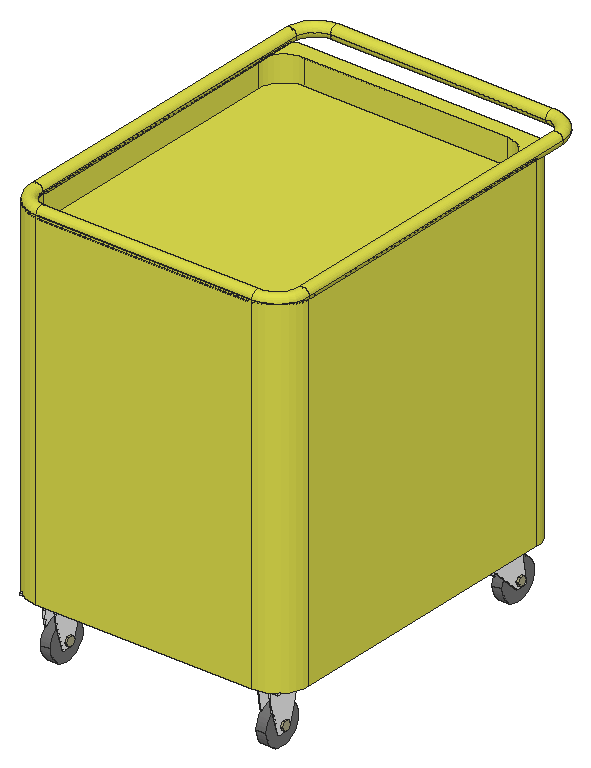
Revit family "Cart_Rolling-Bradley_Corp-Portable_Eyewash_S19-399", category Plumbing Fixtures, Revit 2018
Family settings
  Round Connector Dimension = Use Diameter
  Part Type = Normal
  Work Plane-Based = No
  Always vertical = Yes
  Cut with Voids When Loaded = No
  Shared = No
  Room Calculation Point = No
Parameters (values of type "S19-399")
  Width = 0.000"
  Wattage = 0 W
  Warranty Information = "n/a"
  Voltage = 0 V
  Version = "1.0"
  URL = "http://www.bradleycorp.com/"
  Technical Data = "n/a"
  Specifications URL = "https://www.bradleycorp.com/3partspec/"
  Safety Yellow = Metal - Bradley Corp - BRADTECT® Safety Yellow Coating
  Product Tech Data URL - English = "https://www.bradleycorp.com/mediamanager/view/9038/S19-399_On-Site_Waste_Cart.pdf"
  Product Page URL = "https://www.bradleycorp.com/product/on-site-waste-cart"
  Power Factor = 0
  Percentage of Recycled Content = 0
  OmniClass Title = "Emergency Eye Wash Stations"
  OmniClass Code = "23-29 37 13"
  Number of Poles = 1
  Modeling Code = "n/a"
  Model = "S19-399"
  Material Note = "n/a"
  Material = ""
  MasterFormat Title = "Eye/Face Wash Equipment"
  MasterFormat Number = "22.45.26"
  Manufacturer Revit Model URL = ""
  Manufacturer Installation URL - English = "https://www.bradleycorp.com/mediamanager/view/9952/On-Site_Waste_Cart_Model_S19-399.pdf"
  Manufacturer = "Bradley Corporation"
  Low Emitting Material = yes
  Low Emitting Finish = yes
  Length = 0.000"
  LEED Credit = ""
  Installation Type = "Wall, Bench Top or Transportable Waste Cart"
  Industry Standards = "n/a"
  Height = 0.000"
  Frequency = 0 Hz
  Fire Rating = "n/a"
  Description = "Bradley Rolling Cart for Portable Gravity-Fed Eyewash"
  Depth = 0.000"
  Copyright = "This Model Data is Property of Bradley Corporation"
  Complies to NAFTA = "n/a"
  Chrome-plated red brass = Metal - Bradley Corp - Chrome
  Buy American Act = "To Be Determined"
  Black = Plastic - Bradley Corp - Black
  Assembly Code = "D2010710"
  Apparent Load = 0 VA
  ADA Compliant = "No"
Reference planes (in)
  plane 1 "Center (Front/Back)": y = 0
  plane 2: z = 0
  plane 3 "Center (Left/Right)": x = 0
  plane 4 "LEFT-SIDE": x = -11
  plane 5 "RIGHT-SIDE": x = 11
  plane 6 "B.O. Cart": z = 5
  plane 7 "T.O. Cart": z = 32.5
  plane 8 "Front": y = -15
  plane 9 "Handle-Side": y = 15
  plane 10 "LEFT": x = -11
  plane 11 "RIGHT": x = 11
  plane 12 "Center L/S": y = 12
  plane 13 "Center L/U": y = 14.5
  plane 14 "B.O. Basin": z = 30.5
  plane 15 "Center L/V": y = 10.75
  plane 16: x = 8.5
  plane 17 "C.O Front Axle": y = -12.5
  plane 18: x = -8.5
  plane 19 "Center Rail": z = 32.5
Forms (in)
  Extrusion 1, solid, material "Metal - Bradley Corp - BRADTECT® Safety Yellow Coating"
    sketch origin (0, 0, 5) x (-1, 0, 0) y (0, -1, 0)
      loop
        arc (-8.5, 15) -> (-10.26777, 14.26777) -> (-11, 12.5) r 2.5
        line (-11, 12.5) -> (-11, -10)
        arc (-11, -10) -> (-10.41421, -11.41421) -> (-9, -12) r 2
        line (-9, -12) -> (9, -12)
        arc (9, -12) -> (10.41421, -11.41421) -> (11, -10) r 2
        line (11, -10) -> (11, 12.5)
        arc (11, 12.5) -> (10.26777, 14.26777) -> (8.5, 15) r 2.5
        line (8.5, 15) -> (-8.5, 15)
    from 0 to 27.5
  Sweep 2, solid, material "Metal - Bradley Corp - BRADTECT® Safety Yellow Coating"
    path origin (0, 0, 32.5) x (-1, 0, 0) y (0, -1, 0)
      loop
        arc (8.5, -14.5) -> (9.91421, -13.91421) -> (10.5, -12.5) r 2
        line (10.5, -12.5) -> (10.5, 12.5)
        arc (10.5, 12.5) -> (9.91421, 13.91421) -> (8.5, 14.5) r 2
        line (8.5, 14.5) -> (-8.5, 14.5)
        arc (-8.5, 14.5) -> (-9.91421, 13.91421) -> (-10.5, 12.5) r 2
        line (-10.5, 12.5) -> (-10.5, -12.5)
        arc (-10.5, -12.5) -> (-9.91421, -13.91421) -> (-8.5, -14.5) r 2
        line (-8.5, -14.5) -> (8.5, -14.5)
    profile origin (0, 14.5, 32.5) x (0, 1, 0) y (0, 0, 1)
      loop
        circle (0, 0) r 0.5
  Extrusion 3, void
    sketch origin (0, 0, 30.5) x (0, -1, 0) y (1, 0, 0)
      loop
        line (-8.75, -10) -> (12.5, -10)
        arc (12.5, -10) -> (13.56066, -9.56066) -> (14, -8.5) r 1.5
        line (14, -8.5) -> (14, 8.5)
        arc (14, 8.5) -> (13.56066, 9.56066) -> (12.5, 10) r 1.5
        line (12.5, 10) -> (-8.75, 10)
        arc (-8.75, 10) -> (-10.16421, 9.41421) -> (-10.75, 8) r 2
        line (-10.75, 8) -> (-10.75, -8)
        arc (-10.75, -8) -> (-10.16421, -9.41421) -> (-8.75, -10) r 2
    from 0 to 3
  Extrusion 4, solid, material "Metal - Bradley Corp - BRADTECT® Safety Yellow Coating"
    sketch origin (0, 0, 5) x (-1, 0, 0) y (0, -1, 0)
      loop
        line (8.5, -1.5) -> (8.5, 1.5) -> (6.5, 1.5) -> (6.5, -1.5) -> (8.5, -1.5)
    from 0 to -2
Cuts and joins
  Extrusion 3 cuts Extrusion 1
  joined: Extrusion 1, Extrusion 4
Dimensions and locks (in)
  plane 4 "LEFT-SIDE" to plane 5 "RIGHT-SIDE" = 22.000"
  plane 5 "RIGHT-SIDE" to plane 4 "LEFT-SIDE" = 22.000"
  plane 7 "T.O. Cart" to level = 32.500"  (x2)
  plane 6 "B.O. Cart" to level = 5.000"
  plane 8 "Front" to plane 1 "Center (Front/Back)" to plane 9 "Handle-Side" = 15.000" locked, 15.000" locked
  plane 10 "LEFT" to plane 3 "Center (Left/Right)" to plane 11 "RIGHT" = 11.000", 11.000"
  plane 15 "Center L/V" to plane 12 "Center L/S" to plane 9 "Handle-Side" = 1.250", 3.000"
  plane 7 "T.O. Cart" to plane 14 "B.O. Basin" = 2.000"
  plane 16 to plane 11 "RIGHT" = 2.500"
  plane 15 "Center L/V" to plane 12 "Center L/S" = 1.250"
  Extrusion 4 sketch curve to plane 1 "Center (Front/Back)" to Extrusion 4 sketch curve = 1.500", 1.500"
  Extrusion 4 sketch curve to Extrusion 4 sketch curve = 2.000"
  aligned and locked: Extrusion 1 to plane 10 "LEFT"
  aligned and locked: plane 11 "RIGHT" to Extrusion 1
  aligned and locked: plane 7 "T.O. Cart" to Extrusion 1
  aligned and locked: Extrusion 1 to plane 6 "B.O. Cart"
  aligned and locked: plane 12 "Center L/S" to Extrusion 1
  aligned and locked: plane 15 "Center L/V" to cut or joined group of Extrusion 1, Extrusion 3, Extrusion 4
  aligned and locked: plane 16 to nested 2
  aligned and locked: plane 16 to nested 1
  aligned and locked: nested 2 to plane 17 "C.O Front Axle"
  aligned and locked: nested 1 to plane 15 "Center L/V"
  aligned and locked: nested 3 to plane 18
  aligned and locked: nested 4 to plane 18
  aligned and locked: plane 17 "C.O Front Axle" to nested 4
  aligned and locked: plane 15 "Center L/V" to nested 3
Nested families (in)
  nested 1: "Wheel_for_ovens_etc_2102" at (6.82783, 10.75, 0), type "Wheel_for_ovens_etc_2102"
  nested 2: "Wheel_for_ovens_etc_2103" at (6.82677, -12.5, 0), type "Wheel_for_ovens_etc_2103"
  nested 3: "Wheel_for_ovens_etc_2102" at (-6.82783, 10.75, 0) x (-1, 0, 0) z (0, 0, 1), type "Wheel_for_ovens_etc_2102"
  nested 4: "Wheel_for_ovens_etc_2103" at (-6.82677, -12.5, 0) x (-1, 0, 0) z (0, 0, 1), type "Wheel_for_ovens_etc_2103"
Definition of nested family "Wheel_for_ovens_etc_2102"
  Reference planes (in)
    plane 1: z = 0
    plane 2 "Centro (Sinistra/Destra)": x = 0
    plane 3: x = 1.1811
    plane 4: x = 2.16324
    plane 5: x = 3.34646
    plane 6 "Centro (Avanti/Indietro)": y = 0
    plane 7: z = 5
    plane 8: y = 0
    plane 9: y = -2.55906
    plane 10: y = -2.55906
    plane 11: z = 1.5748
    plane 12 "M.O. Wheel": x = 1.67217
  Forms (in)
    Extrusion 1, solid
      sketch origin (0, 0.66929, -0.1201) x (0, 1, 0) y (0, 0, 1)
        loop
          line (-0.66929, 3.939) -> (-3.22835, 3.939) -> (-3.22835, 3.57363)
          arc (-3.22835, 3.57363) -> (-3.20573, 3.45728) -> (-3.14117, 3.35787) r 0.31061
          line (-3.14117, 3.35787) -> (-1.13936, 1.28493)
          arc (-1.13936, 1.28493) -> (-0.9453, 1.15156) -> (-0.71456, 1.10461) r 0.59055
          line (-0.71456, 1.10461) -> (-0.19295, 1.10461)
          arc (-0.19295, 1.10461) -> (-0.04215, 1.17493) -> (0.00091, 1.33565) r 0.19685
          line (0.00091, 1.33565) -> (-0.40097, 3.61485)
          arc (-0.40097, 3.61485) -> (-0.43747, 3.67807) -> (-0.50607, 3.70304) r 0.10673
          line (-0.50607, 3.70304) -> (-0.66929, 3.70304) -> (-0.66929, 3.939)
      from 1.1811 to 1.27953
    Extrusion 2, solid
      sketch origin (0, 0.66929, -0.12209) x (0, 1, 0) y (0, 0, 1)
        loop
          line (-0.66929, 5.00398) -> (-3.22835, 5.00398) -> (-3.22835, 3.57363)
          arc (-3.22835, 3.57363) -> (-3.20573, 3.45728) -> (-3.14117, 3.35787) r 0.31061
          line (-3.14117, 3.35787) -> (-1.13936, 1.28493)
          arc (-1.13936, 1.28493) -> (-0.9453, 1.15156) -> (-0.71456, 1.10461) r 0.59055
          line (-0.71456, 1.10461) -> (-0.19295, 1.10461)
          arc (-0.19295, 1.10461) -> (-0.04215, 1.17493) -> (0.00091, 1.33565) r 0.19685
          line (0.00091, 1.33565) -> (-0.40097, 3.61485)
          arc (-0.40097, 3.61485) -> (-0.43747, 3.67807) -> (-0.50607, 3.70304) r 0.10673
          line (-0.50607, 3.70304) -> (-0.66929, 3.70304) -> (-0.66929, 5.00398)
      from 2.06481 to 2.16324
    Extrusion 3, solid
      sketch origin (0, 0.66929, -0.1201) x (0, 1, 0) y (0, 0, 1)
        loop
          circle (-0.66929, 1.6949) r 1.5748
      from 1.27953 to 2.06693
    Extrusion 4, solid
      sketch origin (0, 0.66929, -0.1201) x (0, 1, 0) y (0, 0, 1)
        loop
          line (-1.04147, 1.6949) -> (-0.85538, 1.37259) -> (-0.4832, 1.37259) -> (-0.29712, 1.6949) -> (-0.4832, 2.01722) -> (-0.85538, 2.01722) -> (-1.04147, 1.6949)
      from 0.94488 to 1.1811
    Extrusion 5, solid
      sketch origin (0, 0.66929, -0.1201) x (0, 1, 0) y (0, 0, 1)
        loop
          line (-0.4832, 2.01722) -> (-0.85538, 2.01722) -> (-1.04147, 1.6949) -> (-0.85538, 1.37259) -> (-0.4832, 1.37259) -> (-0.29712, 1.6949) -> (-0.4832, 2.01722)
      from 2.16535 to 2.40157
    Extrusion 6, solid
      sketch origin (0, 0.66929, 0.94289) x (1, 0, 0) y (0, 1, 0)
        loop
          line (0, 0) -> (0, -3.93701) -> (3.34646, -3.93701) -> (3.34646, 0) -> (0, 0)
      from 3.939 to 4.05711
  Dimensions and locks (in)
    level to plane 7 = 5.000"
Definition of nested family "Wheel_for_ovens_etc_2103"
  Reference planes (in)
    plane 1: z = 0
    plane 2 "Centro (Sinistra/Destra)": x = 0
    plane 3: x = 1.1811
    plane 4: x = 2.16324
    plane 5: x = 3.34646
    plane 6 "Centro (Avanti/Indietro)": y = 0
    plane 7: z = 5
    plane 8: y = 1.27953
    plane 9: y = -1.27953
    plane 10: z = 1.5748
    plane 11 "C.O. Wheel": x = 1.67323
    plane 12: y = -1.27953
  Forms (in)
    Extrusion 1, solid
      sketch origin (0, 1.94882, -0.12209) x (0, 1, 0) y (0, 0, 1)
        loop
          line (-0.66929, 5.00398) -> (-3.22835, 5.00398) -> (-3.22835, 4.49816)
          arc (-3.22835, 4.49816) -> (-3.15836, 3.58442) -> (-2.95004, 2.69199) r 6
          line (-2.95004, 2.69199) -> (-2.46769, 1.16399)
          arc (-2.46769, 1.16399) -> (-2.34203, 1.11965) -> (-2.20962, 1.10461) r 0.59055
          line (-2.20962, 1.10461) -> (-1.68801, 1.10461)
          arc (-1.68801, 1.10461) -> (-1.55561, 1.11965) -> (-1.42994, 1.16399) r 0.59055
          line (-1.42994, 1.16399) -> (-0.9476, 2.69199)
          arc (-0.9476, 2.69199) -> (-0.73928, 3.58442) -> (-0.66929, 4.49816) r 6
          line (-0.66929, 4.49816) -> (-0.66929, 5.00398)
      from 2.06481 to 2.16324
    Extrusion 2, solid
      sketch origin (0, 1.94882, 0.94289) x (1, 0, 0) y (0, 1, 0)
        loop
          line (0, 0) -> (0, -3.93701) -> (3.34646, -3.93701) -> (3.34646, 0) -> (0, 0)
      from 3.939 to 4.05711
    Extrusion 3, solid
      sketch origin (0, 0.66929, -0.1201) x (0, 1, 0) y (0, 0, 1)
        loop
          circle (-0.66929, 1.6949) r 1.5748
      from 1.27953 to 2.06693
    Extrusion 4, solid
      sketch origin (0, 0.66929, -0.1201) x (0, 1, 0) y (0, 0, 1)
        loop
          line (-0.4832, 2.01722) -> (-0.85538, 2.01722) -> (-1.04147, 1.6949) -> (-0.85538, 1.37259) -> (-0.4832, 1.37259) -> (-0.29712, 1.6949) -> (-0.4832, 2.01722)
      from 2.16535 to 2.40157
    Extrusion 5, solid
      sketch origin (3.34646, 1.94882, -0.12209) x (0, 1, 0) y (0, 0, -1)
        loop
          line (-0.66929, -5.00398) -> (-0.66929, -4.49816)
          arc (-0.66929, -4.49816) -> (-0.73928, -3.58442) -> (-0.9476, -2.69199) r 6
          line (-0.9476, -2.69199) -> (-1.42994, -1.16399)
          arc (-1.42994, -1.16399) -> (-1.55561, -1.11965) -> (-1.68801, -1.10461) r 0.59055
          line (-1.68801, -1.10461) -> (-2.20962, -1.10461)
          arc (-2.20962, -1.10461) -> (-2.34203, -1.11965) -> (-2.46769, -1.16399) r 0.59055
          line (-2.46769, -1.16399) -> (-2.95004, -2.69199)
          arc (-2.95004, -2.69199) -> (-3.15836, -3.58442) -> (-3.22835, -4.49816) r 6
          line (-3.22835, -4.49816) -> (-3.22835, -5.00398) -> (-0.66929, -5.00398)
      from 2.06481 to 2.16324
    Extrusion 6, solid
      sketch origin (3.34646, 0.66929, -0.1201) x (0, 1, 0) y (0, 0, -1)
        loop
          line (-0.4832, -2.01722) -> (-0.29712, -1.6949) -> (-0.4832, -1.37259) -> (-0.85538, -1.37259) -> (-1.04147, -1.6949) -> (-0.85538, -2.01722) -> (-0.4832, -2.01722)
      from 2.16535 to 2.40157
  Dimensions and locks (in)
    plane 11 "C.O. Wheel" to plane 2 "Centro (Sinistra/Destra)" = 1.67323"
